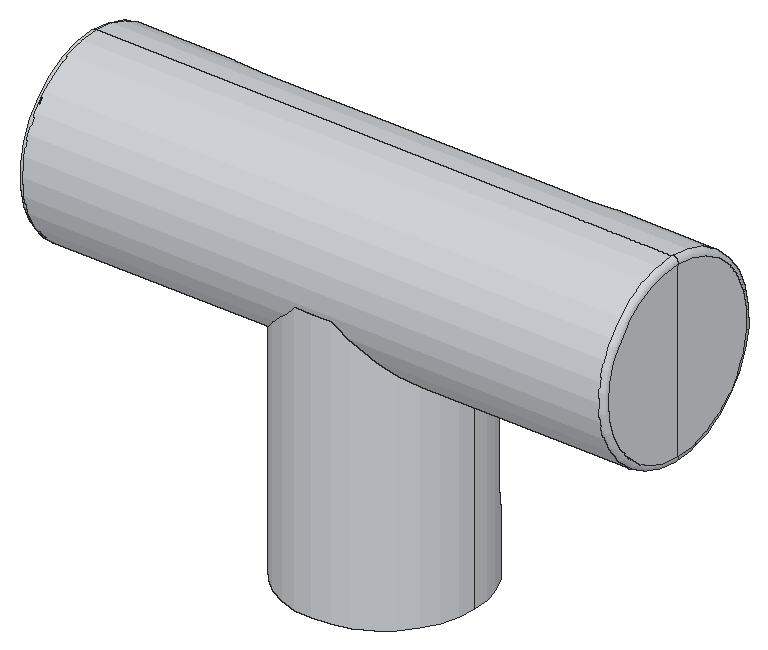
Revit family "Accessory-Robe_Hook-KOHLER-JULY-K-9317T", category Specialty Equipment, host Face, Revit 2017
Family settings
  Host = Face
  Round Connector Dimension = Use Diameter
  Part Type = Normal
  OmniClass Number = 23.31.25.27
  OmniClass Title = Robe Hooks
  Cut with Voids When Loaded = No
  Shared = No
  Room Calculation Point = No
Parameters (values of type "CP- Polished Chrome")
  Width = 4 1/64"  # constant formula
  WaterSense Certified = 1 = 0  # no
  URL = "http://www.kohler.com.cn/"
  Type = 1
  Product Page URL = "https://www.kohler.com.cn/en/product/K-9317T-CP/K-9317T-CP/"
  Product Name = "JULY"  # constant formula
  Product Documentation Link = ""
  Model = if(Type = 1, "K-9317T-CP", if(Type = 2, "K-9317T-BL", "NA"))  # "K-9317T-CP"
  Material = "Metal Construction"  # constant formula
  Master Format 2014 Name = "Toilet, Bath, and Laundry Accessories"  # constant formula
  Master Format 2014 = "10 28 00"  # constant formula
  Manufacturer Address = "Kohler Beijing Office (100016)\n36-2-03-B, No. 88, Liuxiang Road, Beijing"  # constant formula
  Manufacturer = "KOHLER Co."  # constant formula
  Length = 2 163/256"  # constant formula
  Height = 1 67/256"  # constant formula
  Finish = Kohler-Metal-CP-Polished_Chrome
  Environmental Product Declaration = ""
  Description = "Double Robe Hook"  # constant formula
  Default Elevation = 42"
  Declare Label = ""
  Date Modified = "08/27/2020"  # constant formula
  Date Created = "08/27/2020"  # constant formula
  Copyright = "Copyright KOHLER Co."  # constant formula
  Contact Us = "http://www.kohler.com.cn/contact/contact-us/"
  Assembly Code = "C1030200"
  ADA Compliant = 1 = 0  # no
Types (3): name | Type | Product Page URL | Model | Finish
  (no name) | 1 | "https://www.kohler.com.cn/en/product/K-9317T-CP/K-9317T-CP/" | "K-9317T-CP" | Kohler-Metal-CP-Polished_Chrome
  CP- Polished Chrome | 1 | "https://www.kohler.com.cn/en/product/K-9317T-CP/K-9317T-CP/" | "K-9317T-CP" | Kohler-Metal-CP-Polished_Chrome
  BL- Matte Black | 2 | "https://www.kohler.com.cn/en/product/K-9317T-CP/K-9317T-BL/" | "K-9317T-BL" | Kohler-Metal-BL-Matte_Black
Reference planes (in)
  plane 1 "Center (Front/Back)": y = 0
  plane 2: z = 0
  plane 3 "Center (Left/Right)": x = 0
  plane 4: x = 2.00787
  plane 5: x = -2.00775
  plane 6: y = 0.62992
  plane 7: y = -0.6318
  plane 8: z = 2.63672
  plane 9: z = 2.0079
  plane 10: x = 0.62992
  plane 11: x = -0.62992
Dimensions and locks (in)
  "Width": plane 5 to plane 4
  "Height": plane 7 to plane 6
  "Length": level to plane 8
  locked: plane 10 to plane 11 at 1.25984
  aligned and locked: plane 2 to host face
  aligned and locked: level to host face
  aligned and locked: plane 3 "Center (Left/Right)" to nested 1
  aligned and locked: plane 1 "Center (Front/Back)" to nested 1
  aligned and locked: plane 4 to nested 1
  aligned and locked: plane 5 to nested 1
  aligned and locked: plane 6 to nested 1
  aligned and locked: plane 7 to nested 1
  aligned and locked: plane 8 to nested 1
  aligned and locked: plane 9 to nested 1
  aligned and locked: plane 10 to nested 1
  aligned and locked: plane 11 to nested 1
Automatic sketch dimensions
  host sketch curve to host sketch curve = 96"  (x2)
Nested families (in)
  nested 1: "K-9317T" at (0, 0, -0.00108), type "K9317T"
Definition of nested family "K-9317T"
  Parameters (values of type "9317T")
    Material = none
  Reference planes (in)
    plane 1 "Center (Front/Back)": y = 0
    plane 2: z = 0
    plane 3 "Center (Left/Right)": x = 0
    plane 4: x = -2.00787
    plane 5: x = 2.00787
    plane 6: z = 2.6378
    plane 7: z = 2.0079
    plane 8: x = 0.62992
    plane 9: x = -0.62992
    plane 10: y = 0.62992
    plane 11: y = -0.62992
  Forms (in)
    Extrusion 1, solid, material <- "Material", detail levels medium+fine
      sketch origin (0, 0, 0) x (1, 0, 0) y (0, 1, 0)
        loop
          circle (0, 0) r 0.62205
      from 0 to 2.00793
    Revolve 2, solid, material <- "Material", detail levels medium+fine
      sketch origin (0, 0, 0) x (1, 0, 0) y (0, 0, 1)
        loop
          line (1.9685, 2.6378) -> (-1.9685, 2.6378)
          arc (-1.9685, 2.6378) -> (-1.99634, 2.62626) -> (-2.00787, 2.59843) r 0.03937
          line (-2.00787, 2.59843) -> (-2.00787, 2.0079) -> (2.00787, 2.0079) -> (2.00787, 2.59843)
          arc (2.00787, 2.59843) -> (1.99634, 2.62626) -> (1.9685, 2.6378) r 0.03937
        axis (2.00787, 2.0079) -> (-2.00787, 2.0079)
      angle from 0 to 360
    Extrusion 3, void
      sketch origin (0, 0, 0) x (1, 0, 0) y (0, 1, 0)
        loop
          line (-1.02381, 0.2799) -> (1.02381, 0.2799)
          arc (1.02381, 0.2799) -> (1.16177, 0.29506) -> (1.29314, 0.3398) r 0.63552
          arc (1.29314, 0.3398) -> (1.40322, 0.43347) -> (1.45017, 0.57018) r 0.27347
          arc (1.45017, 0.57018) -> (1.45207, 0.61927) -> (1.45155, 0.66839) r 0.99743
          line (1.45155, 0.66839) -> (-1.45155, 0.66839)
          arc (-1.45155, 0.66839) -> (-1.45207, 0.61927) -> (-1.45017, 0.57018) r 0.99743
          arc (-1.45017, 0.57018) -> (-1.40322, 0.43347) -> (-1.29314, 0.3398) r 0.27347
          arc (-1.29314, 0.3398) -> (-1.16177, 0.29506) -> (-1.02381, 0.2799) r 0.63552
      from 1.26658 to 2.98752
    Extrusion 4, void
      sketch origin (0, 0, 0) x (0, 1, 0) y (0, 0, 1)
        loop
          line (0.2799, 1.35142) -> (0.2799, 0.6494)
          arc (0.2799, 0.6494) -> (0.38761, 0.38936) -> (0.64765, 0.28165) r 0.36775
          line (0.64765, 0.28165) -> (0.95713, 0.28165) -> (0.95713, 1.35142) -> (0.2799, 1.35142)
      from -0.99352 to 1.01515
    Extrusion 5, solid, material <- "Material", detail levels coarse
      sketch origin (0, 0, 0) x (1, 0, 0) y (0, 1, 0)
        loop
          circle (0, 0) r 0.62205
      from 0 to 1.99147
    Extrusion 6, solid, material <- "Material", detail levels coarse
      sketch origin (0, 0, 0) x (0, 1, 0) y (0, 0, 1)
        loop
          circle (0, 2.0079) r 0.6299
      from -2.00787 to 2.00788
    Extrusion 7, void
      sketch origin (0, 0, 0) x (1, 0, 0) y (0, 0, 1)
        loop
          line (1.45287, 2.57219) -> (-1.45288, 2.57219) -> (-1.45288, 1.44361) -> (-0.55552, 1.44361) -> (-0.55552, 0.28185) -> (0.55552, 0.28185) -> (0.55552, 1.44361) -> (1.45287, 1.44361) -> (1.45287, 2.57219)
      from -0.2799 to -1.9148
  Cuts and joins
    Extrusion 3, Extrusion 4 cuts Extrusion 1
    Extrusion 3 cuts Revolve 2
    joined: Extrusion 1, Revolve 2
    Extrusion 7 cuts Extrusion 5
    Extrusion 7 cuts Extrusion 6
    joined: Extrusion 5, Extrusion 6
  Lines and regions (in)
    Masking region 1
      outline origin (0, 0, 0) x (1, 0, 0) y (0, 1, 0)
        loop
          arc (-1.9685, 0.62992) -> (-1.99634, 0.61839) -> (-2.00787, 0.59055) r 0.03937
          line (-2.00787, 0.59055) -> (-2.00787, -0.59055)
          arc (-2.00787, -0.59055) -> (-1.99634, -0.61839) -> (-1.9685, -0.62992) r 0.03937
          line (-1.9685, -0.62992) -> (1.9685, -0.62992)
          arc (1.9685, -0.62992) -> (1.99634, -0.61839) -> (2.00787, -0.59055) r 0.03937
          line (2.00787, -0.59055) -> (2.00787, 0.59055)
          arc (2.00787, 0.59055) -> (1.99634, 0.61839) -> (1.9685, 0.62992) r 0.03937
          line (1.9685, 0.62992) -> (1.49007, 0.62992)
          arc (1.49007, 0.62992) -> (1.4621, 0.61825) -> (1.4507, 0.59017) r 0.03937
          arc (1.4507, 0.59017) -> (1.4087, 0.44184) -> (1.29314, 0.3398) r 0.27347
          arc (1.29314, 0.3398) -> (1.16177, 0.29506) -> (1.02381, 0.2799) r 0.63552
          line (1.02381, 0.2799) -> (0.56432, 0.2799)
          arc (0.56432, 0.2799) -> (0, 0.62992) -> (-0.56432, 0.2799) r 0.62992
          line (-0.56432, 0.2799) -> (-1.02381, 0.2799)
          arc (-1.02381, 0.2799) -> (-1.16177, 0.29506) -> (-1.29314, 0.3398) r 0.63552
          arc (-1.29314, 0.3398) -> (-1.4087, 0.44184) -> (-1.4507, 0.59017) r 0.27347
          arc (-1.4507, 0.59017) -> (-1.4621, 0.61825) -> (-1.49007, 0.62992) r 0.03937
          line (-1.49007, 0.62992) -> (-1.9685, 0.62992)
    Masking region 2
      outline origin (0, 0, 0) x (1, 0, 0) y (0, 0, 1)
        loop
          arc (0.62992, 1.19407) -> (0.68379, 1.32411) -> (0.81383, 1.37798) r 0.18391
          line (0.81383, 1.37798) -> (1.9685, 1.37798)
          arc (1.9685, 1.37798) -> (1.99634, 1.38951) -> (2.00787, 1.41735) r 0.03937
          line (2.00787, 1.41735) -> (2.00787, 2.59843)
          arc (2.00787, 2.59843) -> (1.99634, 2.62626) -> (1.9685, 2.6378) r 0.03937
          line (1.9685, 2.6378) -> (-1.9685, 2.6378)
          arc (-1.9685, 2.6378) -> (-1.99634, 2.62626) -> (-2.00787, 2.59843) r 0.03937
          line (-2.00787, 2.59843) -> (-2.00787, 1.41735)
          arc (-2.00787, 1.41735) -> (-1.99634, 1.38951) -> (-1.9685, 1.37798) r 0.03937
          line (-1.9685, 1.37798) -> (-0.81383, 1.37798)
          arc (-0.81383, 1.37798) -> (-0.68379, 1.32411) -> (-0.62992, 1.19407) r 0.18391
          line (-0.62992, 1.19407) -> (-0.62992, 0) -> (0.62992, 0) -> (0.62992, 1.19407)
    Masking region 3
      outline origin (0, 0, 0) x (0, 1, 0) y (0, 0, 1)
        loop
          arc (0.2799, 1.44361) -> (0.33201, 2.54319) -> (-0.6299, 2.0079) r 0.6299
          line (-0.6299, 2.0079) -> (-0.6299, 0) -> (0.62992, 0) -> (0.62992, 0.24631)
          arc (0.62992, 0.24631) -> (0.62028, 0.27212) -> (0.59607, 0.28529) r 0.03937
          arc (0.59607, 0.28529) -> (0.36998, 0.40829) -> (0.2799, 0.6494) r 0.36775
          line (0.2799, 0.6494) -> (0.2799, 1.44361)
    symbolic lines, detail levels medium+fine
      curve 1: line (-1.92903, -0.62998, 0) -> (-1.92903, 0.62986, 0)
      curve 2: line (-1.96865, 0.62992, 0) -> (-1.96865, -0.62992, 0)
      curve 3: arc (-0.52743, 0.2799, 0) -> (0, 0.5971, 0) -> (0.52743, 0.2799, 0) r 0.5971
      curve 4: line (1.92903, -0.62998, 0) -> (1.92903, 0.62986, 0)
      curve 5: line (1.96865, 0.62992, 0) -> (1.96865, -0.62992, 0)
      curve 6: line (1.02381, 0.2437, 0) -> (-1.02381, 0.2437, 0)
      curve 7: arc (-1.02381, 0.2437, 0) -> (-1.20116, 0.26158, 0) -> (-1.35729, 0.34761, 0) r 0.44516
      curve 8: arc (-1.35729, 0.34761, 0) -> (-1.42603, 0.42014, 0) -> (-1.47782, 0.50561, 0) r 0.46811
      curve 9: arc (-1.47782, 0.50561, 0) -> (-1.50043, 0.56633, 0) -> (-1.51289, 0.62992, 0) r 0.39833
      curve 10: line (-1.02381, 0.2437, 0) -> (-1.02381, 0.2799, 0)
      curve 11: arc (1.02381, 0.2437, 0) -> (1.20116, 0.26158, 0) -> (1.35729, 0.34761, 0) r 0.44516
      curve 12: arc (1.35729, 0.34761, 0) -> (1.42603, 0.42014, 0) -> (1.47782, 0.50561, 0) r 0.46811
      curve 13: arc (1.47782, 0.50561, 0) -> (1.50043, 0.56633, 0) -> (1.51289, 0.62992, 0) r 0.39833
      curve 14: line (1.02381, 0.2437, 0) -> (1.02381, 0.2799, 0)
      curve 15: line (-0.60789, 0.2799, 0) -> (0.64221, 0.2799, 0)
      curve 16: line (1.92903, 0, 2.63713) -> (1.92903, 0, 1.37867)
      curve 17: line (1.96866, 0, 1.378) -> (1.96866, 0, 2.63777)
      curve 18: line (-0.55552, 0, 0.6494) -> (0.55552, 0, 0.6494)
      curve 19: line (0.55552, 0, 0.6494) -> (0.55552, 0, 1.20438)
      curve 20: line (1.02381, 0, 1.44361) -> (0.79475, 0, 1.44361)
      curve 21: spline (1.29314, 0, 1.47752) -> (1.2724, 0, 1.47217) -> (1.25122, 0, 1.46726) -> (1.22963, 0, 1.46279) -> (1.20768, 0, 1.45877) -> (1.18541, 0, 1.45521) -> (1.16285, 0, 1.45212) -> (1.14005, 0, 1.4495) -> (1.11705, 0, 1.44736) -> (1.09388, 0, 1.4457) -> (1.07059, 0, 1.44452) -> (1.04722, 0, 1.44382) -> (1.02381, 0, 1.44361)
      curve 22: line (1.45017, 0, 1.74019) -> (1.29314, 0, 1.47752)
      curve 23: spline (1.45017, 0, 2.27561) -> (1.45098, 0, 2.23322) -> (1.45166, 0, 2.18962) -> (1.45219, 0, 2.14505) -> (1.45257, 0, 2.09974) -> (1.45279, 0, 2.05394) -> (1.45287, 0, 2.0079) -> (1.45279, 0, 1.96186) -> (1.45257, 0, 1.91606) -> (1.45219, 0, 1.87075) -> (1.45166, 0, 1.82618) -> (1.45098, 0, 1.78258) -> (1.45017, 0, 1.74019)
      curve 24: line (1.29314, 0, 2.53828) -> (1.45017, 0, 2.27561)
      curve 25: spline (1.02381, 0, 2.57219) -> (1.04721, 0, 2.57245) -> (1.07057, 0, 2.57215) -> (1.09386, 0, 2.57127) -> (1.11702, 0, 2.56982) -> (1.14002, 0, 2.56781) -> (1.16282, 0, 2.56524) -> (1.18538, 0, 2.5621) -> (1.20765, 0, 2.55841) -> (1.22961, 0, 2.55418) -> (1.2512, 0, 2.54941) -> (1.27239, 0, 2.54411) -> (1.29314, 0, 2.53828)
      curve 26: line (-1.02381, 0, 2.57219) -> (1.02381, 0, 2.57219)
      curve 27: arc (0.79475, 0, 1.44361) -> (0.62558, 0, 1.37354) -> (0.55552, 0, 1.20438) r 0.23923
      curve 28: line (-0.55552, 0, 0.6494) -> (-0.55552, 0, 1.20438)
      curve 29: line (-1.02381, 0, 1.44361) -> (-0.79475, 0, 1.44361)
      curve 30: spline (-1.29314, 0, 1.47752) -> (-1.2724, 0, 1.47217) -> (-1.25122, 0, 1.46726) -> (-1.22963, 0, 1.46279) -> (-1.20768, 0, 1.45877) -> (-1.18541, 0, 1.45521) -> (-1.16285, 0, 1.45212) -> (-1.14005, 0, 1.4495) -> (-1.11705, 0, 1.44736) -> (-1.09388, 0, 1.4457) -> (-1.07059, 0, 1.44452) -> (-1.04722, 0, 1.44382) -> (-1.02381, 0, 1.44361)
      curve 31: line (-1.45017, 0, 1.74019) -> (-1.29314, 0, 1.47752)
      curve 32: spline (-1.45017, 0, 2.27561) -> (-1.45098, 0, 2.23322) -> (-1.45166, 0, 2.18962) -> (-1.45219, 0, 2.14505) -> (-1.45257, 0, 2.09974) -> (-1.45279, 0, 2.05394) -> (-1.45287, 0, 2.0079) -> (-1.45279, 0, 1.96186) -> (-1.45257, 0, 1.91606) -> (-1.45219, 0, 1.87075) -> (-1.45166, 0, 1.82618) -> (-1.45098, 0, 1.78258) -> (-1.45017, 0, 1.74019)
      curve 33: line (-1.29314, 0, 2.53828) -> (-1.45017, 0, 2.27561)
      curve 34: spline (-1.02381, 0, 2.57219) -> (-1.04721, 0, 2.57245) -> (-1.07057, 0, 2.57215) -> (-1.09386, 0, 2.57127) -> (-1.11702, 0, 2.56982) -> (-1.14002, 0, 2.56781) -> (-1.16282, 0, 2.56524) -> (-1.18538, 0, 2.5621) -> (-1.20765, 0, 2.55841) -> (-1.22961, 0, 2.55418) -> (-1.2512, 0, 2.54941) -> (-1.27239, 0, 2.54411) -> (-1.29314, 0, 2.53828)
      curve 35: arc (-0.79475, 0, 1.44361) -> (-0.62558, 0, 1.37354) -> (-0.55552, 0, 1.20438) r 0.23923
      curve 36: line (-1.92903, 0, 2.63713) -> (-1.92903, 0, 1.37867)
      curve 37: line (-1.96866, 0, 1.378) -> (-1.96866, 0, 2.63777)
      curve 38: line (0.51615, 0, 0.6494) -> (0.51615, 0, 1.20438)
      curve 39: line (-0.51615, 0, 0.65026) -> (0.51615, 0, 0.64984)
      curve 40: line (-0.51615, 0, 0.65026) -> (-0.51615, 0, 1.20438)
      curve 41: arc (-0.79475, 0, 1.48298) -> (-0.59775, 0, 1.40138) -> (-0.51615, 0, 1.20438) r 0.2786
      curve 42: line (-1.02543, 0, 1.48298) -> (-0.79475, 0, 1.48298)
      curve 43: line (-1.28216, 0, 1.51543) -> (-1.02543, 0, 1.48298)
      curve 44: line (-1.4108, 0, 1.74059) -> (-1.28216, 0, 1.51543)
      curve 45: line (-1.41081, 0, 2.27499) -> (-1.4108, 0, 1.74059)
      curve 46: line (-1.28141, 0, 2.50065) -> (-1.41081, 0, 2.27499)
      curve 47: line (-1.02482, 0, 2.53282) -> (-1.28141, 0, 2.50065)
      curve 48: line (-1.02482, 0, 2.53282) -> (1.04818, 0, 2.53282)
      curve 49: line (1.04818, 0, 2.53282) -> (1.28169, 0, 2.50057)
      curve 50: line (1.28169, 0, 2.50057) -> (1.4108, 0, 2.27521)
      curve 51: line (1.4108, 0, 2.27521) -> (1.41081, 0, 1.74081)
      curve 52: line (1.41081, 0, 1.74081) -> (1.28146, 0, 1.51523)
      curve 53: line (1.28146, 0, 1.51523) -> (1.02387, 0, 1.48298)
      curve 54: line (1.02387, 0, 1.48298) -> (0.79475, 0, 1.48298)
      curve 55: arc (0.79475, 0, 1.48298) -> (0.59775, 0, 1.40138) -> (0.51615, 0, 1.20438) r 0.2786
      curve 56: line (1.02381, 0, 2.57219) -> (1.02381, 0, 1.44361)
      curve 57: line (-1.02381, 0, 1.44361) -> (-1.02381, 0, 2.57219)
      curve 58: line (0.55552, 0, 0.72215) -> (-0.55552, 0, 0.72215)
      curve 59: arc (0, -0.62992, 2.0079) -> (0, -0.33203, 1.47259) -> (0, 0.2799, 1.44358) r 0.62992
      curve 60: circle (0, 0, 2.0079) r 0.5911 normal (1, 0, 0)
      curve 61: line (0, 0.24353, 0.72215) -> (0, 0.24353, 1.42696)
      curve 62: arc (0, 0.24353, 0.72215) -> (0, 0.2488, 0.62737) -> (0, 0.26455, 0.53376) r 0.85375
      curve 63: arc (0, 0.26455, 0.53376) -> (0, 0.34036, 0.39522) -> (0, 0.4598, 0.29191) r 0.44473
      curve 64: arc (0, 0.4598, 0.29191) -> (0, 0.54187, 0.25396) -> (0, 0.62992, 0.23333) r 0.44616
      curve 65: line (0, 0.2799, 1.18111) -> (0, -0.62992, 1.18111)
      curve 66: line (0, 0.24353, 0.72215) -> (0, 0.2799, 0.72215)
      curve 67: line (0, -0.43298, 1.18111) -> (0, -0.43298, 1.55157)
  Dimensions and locks (in)
    locked: plane 4 to plane 5 at 4.01575
    aligned and locked: plane 2 to level
